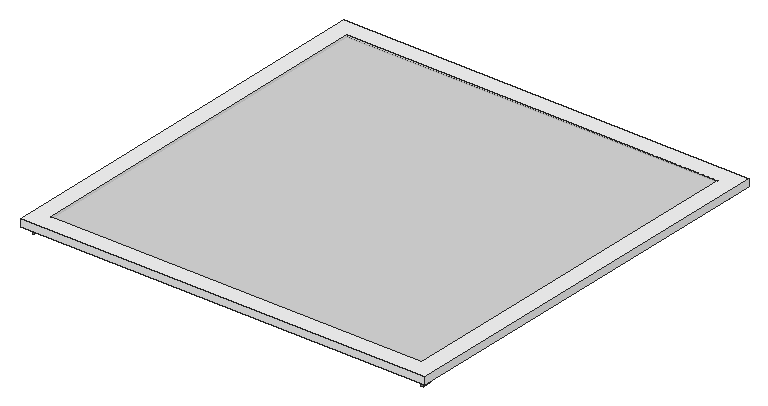
Revit family "0047441 Lighting Fixture_Sylvania_Start Flat Panel LED_Ceiling Recessed", category Lighting Fixtures, host Face, Revit 2016
Family settings
  Host = Face
  Part Type = Normal
  Round Connector Dimension = Use Diameter
  OmniClass Number = 23.80.70.11.17
  OmniClass Title = Specialized Lighting by Location or Use
  Cut with Voids When Loaded = No
  Light Source = Yes
  Shared = No
  Room Calculation Point = No
Parameters (values of type "Start Flat PanelLED 600 WW 3000K")
  Width = 595.0 mm
  Weight = 3.00 kg
  Wattage = 41.172 W
  built-in parameter 1150110 = 1 (stored number, unit not read)
  Voltage Comments = "UNV (Universal Voltage; 220-240 Volt)"  # constant formula
  Voltage = 230 V  # constant formula
  URL = ""
  built-in parameter 1114217 = 1 (stored number, unit not read)
  Tilt Angle = -90.00°
  built-in parameter 1150109 = 1 (stored number, unit not read)
  built-in parameter 1150134 = (empty or 0)
  Ta Rating = "-15°C to +45°C"  # constant formula
  built-in parameter 1150113 = 1 (stored number, unit not read)
  Product Page URL = ""
  Product Family = "STARTFLAT PANEL LED"  # constant formula
  Photometry Comments = ""
  Photometric Web File = "0047441_StartFlatPanelLED600WW3000K-191306.ies"
  Life = "50 000h"  # constant formula
  Length = Width  # 595.0 mm
  LOR = "100 %"
  IP Rating = "IP20"  # constant formula
  Height = 10.5 mm
  Glow Wire Test = 650 °C  # constant formula
  Glare Control = "UGR <25"  # constant formula
  Energy Class = "A++, A+, A"  # constant formula
  Electrical Protection = "CLASS II"  # constant formula
  Drive Current = "1200mA"  # constant formula
  Diffuser Material = Polycarbonate_Sylvania_Startflat Panel LED_Opal
  Cutout Width = Width - 21.0 mm  # 574.0 mm
  Cutout Length = Length - 21.0 mm  # 574.0 mm
  built-in parameter 1114216 [instance] = 1 (stored number, unit not read)
  Model = "Start Flat PanelLED 600 WW 3000K"
  Manufacturer = "Feilo-SylvaniaGroup"
  built-in parameter 1150105 = 1271.7 (stored number, unit not read)
  Lumens = 3829 lm
  built-in parameter 1150115 = 1 (stored number, unit not read)
  built-in parameter 1150137 = (empty or 0)
  built-in parameter 1150139 = (empty or 0)
  built-in parameter 1150112 = 1 (stored number, unit not read)
  built-in parameter 1150114 = 1 (stored number, unit not read)
  Lamp = "Integrated LED"  # constant formula
  built-in parameter 1150132 = 2
  built-in parameter 1150102 = (empty or 0)
  built-in parameter 1150107 = 3000 (stored number, unit not read)
  built-in parameter 1150138 = (empty or 0)
  built-in parameter 1150106 = 12.717 (stored number, unit not read)
  CRI (Ra) = "84"  # constant formula
  Body Material = Metal_Sylvania_Startflat Panel LED_White
  Emit from Rectangle Width = Width - 50.0 mm  # 545.0 mm
  Emit from Rectangle Length = Length - 50.0 mm  # 545.0 mm
  Emit Shape Visible in Rendering = no
  built-in parameter 1150104 = 8.64 (stored number, unit not read)
  Dimming Lamp Color Temperature Shift = <None>
  Description = "Ultra thin LED Panel, excellent uniformity of light, perfect for ceilings with low voids, high efficacy.Ulta thin edgelit LED 600x600mm Panel with, excellent uniform light distribution. Acrylic PMMA diffuser optimising light output whilst reducing glare. 4239lm 93lm/W."  # constant formula
  Default Elevation = 0.0 mm
  Color Filter = 16777215
  Catalog Number = "0047441 Start Flat PanelLED 600 WW 3000K"
  built-in parameter 1140040 [instance] = 1
  built-in parameter 1114218 = 1 (stored number, unit not read)
  built-in parameter 1150133 = 10 (stored number, unit not read)
  Assembly Code = "D5020200"
  Apparent Load Comments = ""
  Apparent Load = 45.5 VA
  Mounting Material = Metal_Sylvania_Startflat Panel LED_Silver
Reference planes
  plane 1 "Center (Front/Back)": y = 0
  plane 2 "Fixture Top": z = 0
  plane 3 "Center (Left/Right)": x = 0
  plane 4: x = 295.5
  plane 5: x = -295.5
  plane 6 "Fixture Back": y = 297.5
  plane 7 "Fixture Front": y = -297.5
  plane 8 "Fixture Left": x = -297.5
  plane 9 "Fixture Right": x = 297.5
  plane 10: y = 295.5
  plane 11: y = -295.5
  plane 12: x = 272.5
  plane 13: x = -272.5
  plane 14: y = 272.5
  plane 15: y = -272.5
  plane 16: x = -287
  plane 17: x = 287
  plane 18: y = 287
  plane 19: y = -287
  plane 20 "Fixture Bottom": z = 10.5
  plane 21: z = 8.5
  plane 22: z = 6.5
  plane 23: z = -10
  plane 24: z = 2
Forms (mm)
  Extrusion 1, void
    sketch origin (0, 0, 60) x (-1, 0, 0) y (0, -1, 0)
      loop
        line (287, -287) -> (287, 287) -> (-287, 287) -> (-287, -287) -> (287, -287)
    from -70 to -60
  Extrusion 2, solid, material "Metal_Sylvania_Startflat Panel LED_White" <- "Body Material", detail levels fine
    sketch origin (0, 0, 60) x (-1, 0, 0) y (0, -1, 0)
      loop
        line (297.5, -297.5) -> (297.5, 297.5) -> (-297.5, 297.5) -> (-297.5, -297.5) -> (297.5, -297.5)
      loop
        line (272.5, -272.5) -> (272.5, 272.5) -> (-272.5, 272.5) -> (-272.5, -272.5) -> (272.5, -272.5)
    from -51.5 to -49.5
  Extrusion 3, solid, material "Metal_Sylvania_Startflat Panel LED_White" <- "Body Material", detail levels fine
    sketch origin (0, 0, 60) x (-1, 0, 0) y (0, -1, 0)
      loop
        line (297.5, -297.5) -> (297.5, 297.5) -> (-297.5, 297.5) -> (-297.5, -297.5) -> (297.5, -297.5)
      loop
        line (295.5, -295.5) -> (295.5, 295.5) -> (-295.5, 295.5) -> (-295.5, -295.5) -> (295.5, -295.5)
    from -60 to -51.5
  Extrusion 4, solid, material "Polycarbonate_Sylvania_Startflat Panel LED_Opal" <- "Diffuser Material", detail levels fine
    sketch origin (0, 0, 60) x (-1, 0, 0) y (0, -1, 0)
      loop
        line (295.5, -295.5) -> (295.5, 295.5) -> (-295.5, 295.5) -> (-295.5, -295.5) -> (295.5, -295.5)
    from -53.5 to -51.5
  Extrusion 5, solid, material "Metal_Sylvania_Startflat Panel LED_Silver" <- "Mounting Material", detail levels fine
    sketch origin (0, 0, 60) x (-1, 0, 0) y (0, -1, 0)
      loop
        line (287, -287) -> (287, -272.5) -> (284, -272.5) -> (284, -287) -> (287, -287)
      loop
        line (-284, -287) -> (-284, -272.5) -> (-287, -272.5) -> (-287, -287) -> (-284, -287)
      loop
        line (-284, 272.5) -> (-284, 287) -> (-287, 287) -> (-287, 272.5) -> (-284, 272.5)
      loop
        line (284, 272.5) -> (287, 272.5) -> (287, 287) -> (284, 287) -> (284, 272.5)
    from -70 to -60
  Extrusion 6, solid, material "Metal_Sylvania_Startflat Panel LED_White" <- "Body Material", detail levels fine
    sketch origin (0, 0, 60) x (-1, 0, 0) y (0, -1, 0)
      loop
        line (297.5, -297.5) -> (297.5, 297.5) -> (-297.5, 297.5) -> (-297.5, -297.5) -> (297.5, -297.5)
    from -60 to -58
  Extrusion 7, solid, material "Metal_Sylvania_Startflat Panel LED_White" <- "Body Material", detail levels coarse+medium
    sketch origin (0, 0, 60) x (-1, 0, 0) y (0, -1, 0)
      loop
        line (297.5, -297.5) -> (297.5, 297.5) -> (-297.5, 297.5) -> (-297.5, -297.5) -> (297.5, -297.5)
    from -60 to -49.5
Cuts and joins
  joined: Extrusion 2, Extrusion 3, Extrusion 6
Dimensions and locks
  equal spacing: plane 6 "Fixture Back", plane 1 "Center (Front/Back)", plane 7 "Fixture Front"
  "Width": plane 6 "Fixture Back" to plane 7 "Fixture Front"
  equal spacing: plane 8 "Fixture Left", plane 3 "Center (Left/Right)", plane 9 "Fixture Right"
  "Length": plane 8 "Fixture Left" to plane 9 "Fixture Right"
  locked: plane 8 "Fixture Left" to plane 5 at 2
  locked: plane 4 to plane 9 "Fixture Right" at 2
  locked: plane 6 "Fixture Back" to plane 10 at 2
  locked: plane 11 to plane 7 "Fixture Front" at 2
  locked: plane 12 to plane 9 "Fixture Right" at 25
  locked: plane 8 "Fixture Left" to plane 13 at 25
  locked: plane 6 "Fixture Back" to plane 14 at 25
  locked: plane 15 to plane 7 "Fixture Front" at 25
  equal spacing: plane 16, plane 3 "Center (Left/Right)", plane 17
  "Cutout Length": plane 16 to plane 17
  equal spacing: plane 18, plane 1 "Center (Front/Back)", plane 19
  "Cutout Width": plane 18 to plane 19
  "Height": plane 20 "Fixture Bottom" to plane 2 "Fixture Top"
  plane 20 "Fixture Bottom" to plane 21 to plane 22 = 2.0 mm locked, 2.0 mm locked
  locked: plane 2 "Fixture Top" to plane 23 at 10
  locked: plane 16 to Extrusion 5 sketch curve at 3
  locked: Extrusion 5 sketch curve to plane 17 at 3
  locked: plane 24 to plane 2 "Fixture Top" at 2
  aligned and locked: level to host face
  aligned and locked: imposter light to plane 1 "Center (Front/Back)"
  aligned and locked: plane 2 "Fixture Top" to Extrusion 1
  aligned and locked: Extrusion 2 sketch curve to plane 6 "Fixture Back"
  aligned and locked: plane 8 "Fixture Left" to Extrusion 2 sketch curve
  aligned and locked: plane 7 "Fixture Front" to Extrusion 2 sketch curve
  aligned and locked: Extrusion 2 sketch curve to plane 9 "Fixture Right"
  aligned and locked: Extrusion 2 sketch curve to plane 14
  aligned and locked: plane 13 to Extrusion 2 sketch curve
  aligned and locked: plane 15 to Extrusion 2 sketch curve
  aligned and locked: Extrusion 2 sketch curve to plane 12
  aligned and locked: Extrusion 3 sketch curve to Extrusion 2  (x4)
  aligned and locked: Extrusion 3 sketch curve to plane 10
  aligned and locked: plane 5 to Extrusion 3 sketch curve
  aligned and locked: plane 11 to Extrusion 3 sketch curve
  aligned and locked: Extrusion 3 sketch curve to plane 4
  aligned and locked: Extrusion 4 sketch curve to cut or joined group of Extrusion 2, Extrusion 3, Extrusion 6  (x4)
  aligned and locked: plane 16 to Extrusion 1 sketch curve
  aligned and locked: Extrusion 1 sketch curve to plane 17
  aligned and locked: Extrusion 1 sketch curve to plane 18
  aligned and locked: plane 19 to Extrusion 1 sketch curve
  aligned and locked: plane 20 "Fixture Bottom" to cut or joined group of Extrusion 2, Extrusion 3, Extrusion 6
  aligned and locked: cut or joined group of Extrusion 2, Extrusion 3, Extrusion 6 to plane 21
  aligned and locked: plane 21 to cut or joined group of Extrusion 2, Extrusion 3, Extrusion 6
  aligned and locked: cut or joined group of Extrusion 2, Extrusion 3, Extrusion 6 to plane 2 "Fixture Top"
  aligned and locked: plane 21 to Extrusion 4
  aligned and locked: Extrusion 4 to plane 22
  aligned and locked: level to plane 2 "Fixture Top"
  aligned and locked: plane 3 "Center (Left/Right)" to imposter light
  aligned and locked: plane 20 "Fixture Bottom" to imposter light
  aligned and locked: Extrusion 5 sketch curve to plane 18  (x2)
  aligned and locked: plane 16 to Extrusion 5 sketch curve
  aligned and locked: cut or joined group of Extrusion 2, Extrusion 3, Extrusion 6 to Extrusion 5 sketch curve  (x3)
  aligned and locked: plane 14 to Extrusion 5 sketch curve
  aligned and locked: Extrusion 5 sketch curve to plane 17  (x2)
  aligned and locked: plane 19 to Extrusion 5 sketch curve
  aligned and locked: Extrusion 5 sketch curve to plane 19
  aligned and locked: Extrusion 5 sketch curve to plane 16
  aligned and locked: Extrusion 5 to plane 23
  aligned and locked: Extrusion 5 sketch curve to Extrusion 5 sketch curve  (x2)
  aligned and locked: Extrusion 6 sketch curve to cut or joined group of Extrusion 2, Extrusion 3, Extrusion 6  (x4)
  aligned and locked: Extrusion 6 to plane 2 "Fixture Top"
  aligned and locked: plane 24 to Extrusion 6
  aligned and locked: plane 2 "Fixture Top" to Extrusion 5
  aligned and locked: Extrusion 7 sketch curve to cut or joined group of Extrusion 2, Extrusion 3, Extrusion 6  (x4)
  aligned and locked: Extrusion 7 to plane 2 "Fixture Top"
  aligned and locked: plane 20 "Fixture Bottom" to Extrusion 7
  aligned and locked: Extrusion 1 to Extrusion 5
Automatic sketch dimensions
  host sketch curve to host sketch curve = 1461.012 mm
  host sketch curve to host sketch curve = 1283.632 mm
Connectors
  electrical at (0, 0, 0), driven by "Voltage", driven by "Apparent Load"
    settings: on cut or joined group of Extrusion 2, Extrusion 3, Extrusion 6, index 1, voltage 230 V, apparent load 0 VA, apparent load phase1 45.5 VA, apparent load phase2 0 VA, apparent load phase3 0 VA, power factor 1, load classification "Lighting", number of poles 1, system type 31, power factor state 1, is connector primary yes, connector utility no, sub classification motor no, connector description ""
